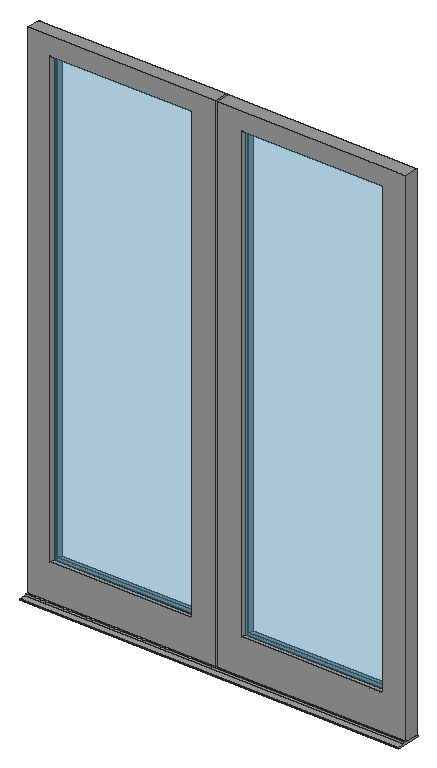
Revit family "AD-375 DOOR-Double-1-SF_v04", category Curtain Panels, Revit 2015
Parameters
  Width [instance] = 6' - 2"
  URL = "obe.com"
  Rough Width [instance] = 6' - 0"
  Offset [instance] = 0' - 0"
  Model = "AD-375 DOOR"
  Min Panel Width [instance] = if(Rough Width > 5' 11 255/256", Rough Width, 6' 0")  # 6' - 0"
  Manufacturer = "Oldcastle BuildingEnvelope®"
  Keynote = "08 11 00"
  Hinge [instance] = yes
  Height [instance] = 8' - 0"
  Glass Material = Glass
  Frame Material = Aluminum
  Door Panel Height [instance] = Height + 0' 0 23/32"  # 8' - 0 23/32"
  Description = "AD-375 - 1\" Door Infil"
  Assembly Code = "B2030"
  Analytic Construction = "<None>"
  6 Bottom Rail [instance] = yes
  10 Bottom Rail [instance] = not([6 Bottom Rail])  # no
Reference planes (in)
  plane 1 "Front": y = 0
  plane 2: z = 0
  plane 3 "Center (Left/Right)": x = 0
  plane 4 "Left": x = -37
  plane 5 "Right": x = 37
  plane 6 "Top": z = 96
  plane 7: x = -36
  plane 8: x = 36
Text (in)
  text "Exterior" at (-54.29358, 31.38743, 0), in view "Ref. Level"
  text "Exterior" at (480, 41.53993, 89.60405), in view "Right"
  text "Exterior" at (-240, 57.82419, 105.78864), in view "Left"
Dimensions and locks (in)
  equal spacing: plane 4 "Left", plane 3 "Center (Left/Right)", plane 5 "Right"
  "Width": plane 4 "Left" to plane 5 "Right"
  "Height": plane 6 "Top" to plane 2
  equal spacing: plane 7, plane 3 "Center (Left/Right)", plane 8
  "Min Panel Width": plane 7 to plane 8
  aligned and locked: level to plane 2
  aligned and locked: plane 3 "Center (Left/Right)" to nested 1
  aligned and locked: plane 1 "Front" to nested 1
Nested families (in)
  nested 1: "AD-375 DOOR-Double-1-Panel_v03" at (0, -16, 0), Frame Material <- "Frame Material", Glass Material <- "Glass Material", Hinge <- "Hinge", 6 Bottom Rail <- "6 Bottom Rail", Height <- "Door Panel Height", Width <- "Min Panel Width", Offset <- "Offset", type "AD-375 DOOR-Double-1-Panel"
    with Wing Width 3' - 0", built-in parameter 1001301 6' - 0", Offset 0' - 0", Hinge yes, built-in parameter 1001300 8' - 0 23/32", Glass Material Glass, Frame Material Aluminum, Bottom Rail 0' - 6 19/32", 6 Bottom Rail yes, 10 Bottom Rail no
Definition of nested family "AD-375 DOOR-Double-1-Panel_v03"
  Parameters (values of type "AD-375 DOOR-Double-1-Panel")
    Wing Width [instance] = Width / 2  # 3' - 0"
    Width [instance] = 6' - 0"
    Offset [instance] = 0' - 0"
    Hinge [instance] = yes
    Height [instance] = 8' - 0"
    Glass Material [instance] = none
    Frame Material [instance] = none
    Bottom Rail [instance] = if([10 Bottom Rail], 0' 10 19/32", 0' 6 19/32")  # 0' - 10 19/32"
    6 Bottom Rail [instance] = no
    10 Bottom Rail [instance] = not([6 Bottom Rail])  # yes
  Reference planes (in)
    plane 1 "00": y = 14.56
    plane 2: z = 0
    plane 3 "Center (Left/Right)": x = 0
    plane 4: z = 96
    plane 5: x = -36
    plane 6: x = 36
    plane 7 "Center (Front/Back)": y = 16
    plane 8 "Exterior": y = 15.06
    plane 9: z = 48
    plane 10: z = 10.59375
    plane 11: z = 92.46875
    plane 12: z = 0
    plane 13: x = -31.84147
    plane 14: x = 31.82129
    plane 15: y = 16
  Forms (in)
    Sweep 1, solid, material <- "Frame Material"
      path origin (0, 14.56, 0) x (1, 0, 0) y (0, 0, 1)
        loop
          line (-35.70353, 96) -> (-0.1998, 96)
      profile origin (-17.95166, 14.56, 96) x (0, 0, 1) y (0, -1, 0)
        loop
          line (-0.71875, -1.31943) -> (-0.71875, 1.3187) -> (-3.96875, 1.3187) -> (-3.96875, 0.5) -> (-3.53125, 0.5) -> (-3.53125, -0.5) -> (-3.96875, -0.5) -> (-3.96875, -1.31943) -> (-0.71875, -1.31943)
    Sweep 2, solid, material <- "Frame Material"
      path origin (0, 14.56, 0) x (1, 0, 0) y (0, 0, 1)
        loop
          line (-0.1998, 0) -> (-35.70353, 0)
      profile origin (-17.95166, 14.56, 0) x (0, 0, -1) y (0, -1, 0)
        loop
          line (-6.62093, -1.2884) -> (-0.375, -1.2884) -> (-0.375, 1.3187) -> (-6.62093, 1.3187) -> (-11.125, 1.3187) -> (-11.125, 0.5) -> (-10.59375, 0.5) -> (-10.59375, -0.5) -> (-11.125, -0.5) -> (-11.125, -1.2884) -> (-6.62093, -1.2884)
    Sweep 3, solid, material <- "Frame Material"
      path origin (0, 14.56, 0) x (1, 0, 0) y (0, 0, 1)
        loop
          line (36, 95.28125) -> (36, 0.375)
      profile origin (36, 14.56, 47.82813) x (0, -1, 0) y (1, 0, 0)
        loop
          line (-1.31873, -0.43321) -> (-1.31873, -4.61621) -> (-0.5, -4.61621) -> (-0.5, -4.17871) -> (0.5, -4.17871) -> (0.5, -4.61621) -> (1.3187, -4.61621) -> (1.3187, -0.32321) -> (-1.35373, -0.32321) -> (-1.35373, -0.43321) -> (-1.31873, -0.43321)
    Sweep 4, solid, material <- "Frame Material"
      path origin (0, 14.56, 0) x (1, 0, 0) y (0, 0, 1)
        loop
          line (-36, 95.28125) -> (-36, 0.375)
      profile origin (-36, 14.56, 47.82812) x (0, -1, 0) y (1, 0, 0)
        loop
          line (-1.31872, 4.59603) -> (-1.31872, 0.40647) -> (-1.35373, 0.40647) -> (-1.35373, 0.29647) -> (1.3187, 0.29647) -> (1.3187, 4.59603) -> (0.5, 4.59603) -> (0.5, 4.15198) -> (-0.5, 4.15198) -> (-0.5, 4.59603) -> (-1.31872, 4.59603)
    Sweep 5, solid, material <- "Frame Material"
      path origin (0, 14.56, 0) x (1, 0, 0) y (0, 0, 1)
        loop
          line (0, 95.28125) -> (0, 0.375)
      profile origin (0, 14.56, 47.82813) x (0, -1, 0) y (1, 0, 0)
        loop
          line (-1.31943, -4.69069) -> (-0.5, -4.69069) -> (-0.5, -4.25319) -> (0.5, -4.25319) -> (0.5, -4.69069) -> (1.31797, -4.69069) -> (1.31797, -0.1998) -> (-1.31943, -0.1998) -> (-1.31943, -4.69069)
        loop
          line (1.31797, 4.69069) -> (0.5, 4.69069) -> (0.5, 4.25319) -> (-0.5, 4.25319) -> (-0.5, 4.69069) -> (-1.31943, 4.69069) -> (-1.31943, 0.19181) -> (1.31797, 0.19181) -> (1.31797, 4.69069)
    Sweep 6, solid, material <- "Frame Material"
      path origin (0, 14.56, 0) x (1, 0, 0) y (0, 0, 1)
        loop
          line (0.22004, 96) -> (35.67679, 96)
      profile origin (17.94841, 14.56, 96) x (0, 0, 1) y (0, -1, 0)
        loop
          line (-0.71875, -1.31943) -> (-0.71875, 1.3187) -> (-2.30843, 1.3187) -> (-3.96875, 1.3187) -> (-3.96875, 0.5) -> (-3.53125, 0.5) -> (-3.53125, -0.5) -> (-3.96875, -0.5) -> (-3.96875, -1.31943) -> (-2.30843, -1.31943) -> (-0.71875, -1.31943)
    Sweep 7, solid, material <- "Frame Material"
      path origin (0, 14.56, 0) x (1, 0, 0) y (0, 0, 1)
        loop
          line (35.67679, 0) -> (0.19181, 0)
      profile origin (17.9343, 14.56, 0) x (0, 0, -1) y (0, -1, 0)
        loop
          line (-3.49593, -1.2884) -> (-0.375, -1.2884) -> (-0.375, 1.3187) -> (-11.125, 1.3187) -> (-11.125, 0.5) -> (-10.59375, 0.5) -> (-10.59375, -0.5) -> (-11.125, -0.5) -> (-11.125, -1.2884) -> (-3.49593, -1.2884)
    Extrusion 8, solid, material <- "Glass Material", detail levels medium+fine
      sketch origin (0, 0, 0) x (1, 0, 0) y (0, 1, 0)
        loop
          line (4.25319, 15.06) -> (4.25319, 14.812) -> (31.82129, 14.812) -> (31.82129, 15.06) -> (4.25319, 15.06)
        loop
          line (31.82129, 14.06) -> (31.82129, 14.308) -> (4.25319, 14.308) -> (4.25319, 14.06) -> (31.82129, 14.06)
      from 10.59375 to 92.46875
    Extrusion 9, solid, material <- "Glass Material", detail levels coarse
      sketch origin (0, 0, 0) x (1, 0, 0) y (0, 1, 0)
        loop
          line (4.25319, 15.06) -> (4.25319, 14.06) -> (31.82129, 14.06) -> (31.82129, 15.06) -> (4.25319, 15.06)
      from 10.59375 to 92.46875
    Extrusion 10, solid, material <- "Glass Material", detail levels coarse
      sketch origin (0, 0, 0) x (1, 0, 0) y (0, 1, 0)
        loop
          line (-31.84147, 15.06) -> (-31.84147, 14.06) -> (-4.31233, 14.06) -> (-4.25319, 14.06) -> (-4.25319, 15.06) -> (-31.84147, 15.06)
      from 10.59375 to 92.46875
    Extrusion 11, solid, material <- "Glass Material", detail levels medium+fine
      sketch origin (0, 0, 0) x (1, 0, 0) y (0, 1, 0)
        loop
          line (-31.84147, 15.06) -> (-31.84147, 14.812) -> (-4.25319, 14.812) -> (-4.25319, 15.06) -> (-31.84147, 15.06)
        loop
          line (-31.84147, 14.308) -> (-31.84147, 14.06) -> (-4.25, 14.06) -> (-4.25, 14.308) -> (-31.84147, 14.308)
      from 10.59375 to 92.46875
    Sweep 12, solid, material <- "Frame Material"
      path origin (0, 14.56, 0) x (1, 0, 0) y (0, 0, 1)
        loop
          line (-35.70353, 0) -> (35.67679, 0)
      profile origin (-0.01337, 14.56, 0) x (0, 0, 1) y (0, -1, 0)
        loop
          line (0.506, 1.3187) -> (0.506, 1.73385) -> (0.256, 1.86985) -> (0.09997, 3.0264)
          arc (0.09997, 3.0264) -> (0.08866, 3.04745) -> (0.06628, 3.05585) r 0.034
          line (0.06628, 3.05585) -> (0, 3.05585) -> (0, -1.44514)
          arc (0, -1.44514) -> (0.07849, -1.40969) -> (0.1262, -1.33799) r 0.156
          line (0.1262, -1.33799) -> (0.256, -0.69426) -> (0.256, 1.3187) -> (0.506, 1.3187)
  Cuts and joins
    joined: Sweep 1, Sweep 2, Sweep 3, Sweep 4, Sweep 5, Sweep 6, Sweep 7
  Lines and regions (in)
    model lines
      curve 1: line (4.59371, 15.06, 92.05875) -> (31.38379, 15.06, 48.02216)
      curve 2: line (31.38379, 15.06, 48.02216) -> (4.59371, 15.06, 11.125)
      curve 3: line (-4.5985, 15.06, 92.07372) -> (-31.40397, 15.06, 48)
      curve 4: line (-31.40397, 15.06, 48) -> (-4.5985, 15.06, 11.125)
  Dimensions and locks (in)
    "Height": plane 4 to level
    equal spacing: plane 5, plane 3 "Center (Left/Right)", plane 6
    "Offset": plane 15 to plane 7 "Center (Front/Back)"
    plane 1 "00" to plane 8 "Exterior" to plane 15 = 0' - 0 1/2" locked, 0' - 0.94" locked
    equal spacing: level, plane 9, plane 4
    locked: plane 3 "Center (Left/Right)" to Sweep 2 sketch curve at 0.1998
    locked: Sweep 3 sketch curve to plane 4 at 0.71875
    locked: Sweep 4 sketch curve to plane 4 at 0.71875
    locked: plane 3 "Center (Left/Right)" to Sweep 1 sketch curve at 0.1998
    locked: Sweep 6 sketch curve to plane 3 "Center (Left/Right)" at 0.22004
    locked: Sweep 5 sketch curve to plane 4 at 0.71875
    locked: Sweep 7 sketch curve to plane 10 at 0.53125  (x2)
    locked: Sweep 2 sketch curve to plane 10 at 0.53125  (x2)
    equal spacing: plane 4, plane 9, plane 12
    locked: plane 4 to plane 11 at 3.53125
    Extrusion 11 sketch curve to Extrusion 11 sketch curve to plane 1 "00" to Extrusion 11 sketch curve to Extrusion 11 sketch curve = 0' - 0.248" locked, 0' - 0.252" locked, 0' - 0.252" locked, 0' - 0.248" locked
    Extrusion 10 sketch curve to plane 1 "00" to Extrusion 10 sketch curve = 0' - 0 1/2" locked, 0' - 0 1/2" locked
    Extrusion 9 sketch curve to plane 1 "00" to Extrusion 9 sketch curve = 0' - 0 1/2" locked, 0' - 0 1/2" locked
    Extrusion 8 sketch curve to Extrusion 8 sketch curve to plane 1 "00" to Extrusion 8 sketch curve to Extrusion 8 sketch curve = 0' - 0.248" locked, 0' - 0.252" locked, 0' - 0.252" locked, 0' - 0.248" locked
    "Bottom Rail": plane 10 to plane 12
    locked: Extrusion 11 sketch curve to plane 3 "Center (Left/Right)" at 4.25319
    locked: Extrusion 11 sketch curve to plane 3 "Center (Left/Right)" at 4.25
    locked: Extrusion 10 sketch curve to plane 3 "Center (Left/Right)" at 4.25319
    locked: plane 3 "Center (Left/Right)" to Extrusion 9 sketch curve at 4.25319
    locked: plane 3 "Center (Left/Right)" to Extrusion 8 sketch curve at 4.25319  (x2)
    "Width": plane 5 to plane 6
    locked: plane 6 to Sweep 7 sketch curve at 0.32321
    locked: Sweep 2 sketch curve to plane 5 at 0.29647
    locked: Sweep 7 sketch curve to plane 3 "Center (Left/Right)" at 0.19181
    locked: plane 14 to plane 6 at 4.17871
    locked: plane 5 to plane 13 at 4.15853
    locked: Sweep 1 sketch curve to plane 5 at 0.29647
    locked: plane 6 to Sweep 6 sketch curve at 0.32321
    locked: plane 1 "00" to nested 1 at 0.2943
    locked: plane 6 to Sweep 12 sketch curve at 0.32321
    locked: Sweep 12 sketch curve to plane 5 at 0.29647
    locked: Sweep 4 sketch curve to plane 12 at 0.375
    locked: Sweep 5 sketch curve to plane 12 at 0.375
    locked: Sweep 3 sketch curve to plane 12 at 0.375
    aligned and locked: plane 2 to level
    aligned and locked: plane 3 "Center (Left/Right)" to nested 1
    aligned and locked: Sweep 1 sketch curve to plane 4
    aligned and locked: Sweep 2 sketch curve to level
    aligned and locked: level to nested 2
    aligned and locked: nested 2 to plane 1 "00"
    aligned and locked: plane 3 "Center (Left/Right)" to Sweep 5 sketch curve
    aligned and locked: Sweep 7 sketch curve to level
    aligned and locked: plane 4 to Sweep 6 sketch curve
    aligned and locked: plane 11 to Extrusion 10
    aligned and locked: plane 11 to Extrusion 11
    aligned and locked: plane 11 to Extrusion 8
    aligned and locked: plane 11 to Extrusion 9
    aligned and locked: Sweep 6 sketch curve to plane 11
    aligned and locked: plane 10 to Sweep 2 sketch curve
    aligned and locked: Sweep 1 sketch curve to plane 11
    aligned and locked: plane 9 to curve 4
    aligned and locked: Extrusion 8 to plane 10
    aligned and locked: Extrusion 9 to plane 10
    aligned and locked: Extrusion 11 to plane 10
    aligned and locked: Extrusion 10 to plane 10
    aligned and locked: Sweep 4 sketch curve to plane 5
    aligned and locked: Sweep 3 sketch curve to plane 6
    aligned and locked: Extrusion 11 to plane 13  (x2)
    aligned and locked: Extrusion 10 to plane 13
    aligned and locked: plane 14 to Extrusion 9
    aligned and locked: plane 14 to Extrusion 8  (x2)
    aligned and locked: Sweep 12 sketch curve to plane 12
  Automatic sketch dimensions
    plane 9 to curve 2 = 0' - 0.02216"
    plane 10 to curve 2 = 0' - 0 17/32"
    plane 10 to curve 4 = 0' - 0 17/32"
    curve 1 to plane 11 = 0' - 0.41"
    curve 3 to plane 11 = 0' - 0.39503"
    curve 3 to plane 3 "Center (Left/Right)" = 0' - 4.5985"
    curve 4 to plane 3 "Center (Left/Right)" = 0' - 4.5985"
    plane 3 "Center (Left/Right)" to curve 2 = 0' - 4.59371"
    plane 3 "Center (Left/Right)" to curve 1 = 0' - 4.59371"
    Sweep 3 sketch curve to plane 1 "00" = 0' - 1.35373"
    Sweep 3 sketch curve to Sweep 3 sketch curve = 0' - 0.035"
    Sweep 3 sketch curve to plane 1 "00" = 0' - 0 1/2"
    plane 1 "00" to Sweep 3 sketch curve = 0' - 0 1/2"
    plane 1 "00" to Sweep 3 sketch curve = 0' - 1.3187"
    profile plane to Sweep 3 sketch curve = 0' - 4.61621"
    Sweep 3 sketch curve to Sweep 3 sketch curve = 0' - 0"
    Sweep 3 sketch curve to Sweep 3 sketch curve = 0' - 0 7/16"
    profile plane to Sweep 3 sketch curve = 0' - 0.43321"
    profile plane to Sweep 3 sketch curve = 0' - 0.32321"
    Sweep 4 sketch curve to plane 1 "00" = 0' - 1.35373"
    Sweep 4 sketch curve to Sweep 4 sketch curve = 0' - 0.03501"
    Sweep 4 sketch curve to plane 1 "00" = 0' - 0 1/2"
    plane 1 "00" to Sweep 4 sketch curve = 0' - 0 1/2"
    Sweep 4 sketch curve to Sweep 4 sketch curve = 0' - 0.8187"
    Sweep 4 sketch curve to profile plane = 0' - 0.29647"
    Sweep 4 sketch curve to Sweep 4 sketch curve = 0' - 0.11"
    Sweep 4 sketch curve to Sweep 4 sketch curve = 0' - 3.7455"
    Sweep 4 sketch curve to Sweep 4 sketch curve = 0' - 0.44405"  (x2)
    Extrusion 10 sketch curve to Extrusion 10 sketch curve = 0' - 0.05914"
    Sweep 5 sketch curve to plane 1 "00" = 0' - 1.31943"
    Sweep 5 sketch curve to plane 1 "00" = 0' - 0 1/2"  (x2)
    plane 1 "00" to Sweep 5 sketch curve = 0' - 0 1/2"  (x2)
    Sweep 5 sketch curve to profile plane = 0' - 0.19181"
    plane 1 "00" to Sweep 5 sketch curve = 0' - 1.31797"
    profile plane to Sweep 5 sketch curve = 0' - 0.1998"
    Sweep 5 sketch curve to Sweep 5 sketch curve = 0' - 0"
    Sweep 5 sketch curve to Sweep 5 sketch curve = 0' - 0 7/16"  (x4)
    Sweep 5 sketch curve to Sweep 5 sketch curve = 0' - 4.06138"
    Sweep 7 sketch curve to Sweep 7 sketch curve = 0' - 0 17/32"
    Sweep 7 sketch curve to plane 1 "00" = 0' - 1.2884"
    profile plane to Sweep 7 sketch curve = 0' - 3.49593"
    Sweep 7 sketch curve to plane 1 "00" = 0' - 0 1/2"
    plane 1 "00" to Sweep 7 sketch curve = 0' - 0 1/2"
    plane 1 "00" to Sweep 7 sketch curve = 0' - 1.3187"
    Sweep 6 sketch curve to Sweep 6 sketch curve = 0' - 0 7/16"  (x2)
    Sweep 6 sketch curve to Sweep 6 sketch curve = 0' - 1.22282"  (x2)
    profile plane to Sweep 6 sketch curve = 0' - 0 23/32"
    Sweep 6 sketch curve to plane 1 "00" = 0' - 1.31943"
    Sweep 6 sketch curve to plane 1 "00" = 0' - 0 1/2"
    plane 1 "00" to Sweep 6 sketch curve = 0' - 0 1/2"
    plane 1 "00" to Sweep 6 sketch curve = 0' - 1.3187"
    Sweep 2 sketch curve to plane 1 "00" = 0' - 1.2884"
    Sweep 2 sketch curve to Sweep 2 sketch curve = 0' - 3.97282"
    Sweep 2 sketch curve to Sweep 2 sketch curve = 0' - 0"
    Sweep 2 sketch curve to plane 1 "00" = 0' - 0 1/2"
    plane 1 "00" to Sweep 2 sketch curve = 0' - 0 1/2"
    plane 1 "00" to Sweep 2 sketch curve = 0' - 1.3187"
    Sweep 1 sketch curve to Sweep 1 sketch curve = 0' - 0 7/16"  (x2)
    profile plane to Sweep 1 sketch curve = 0' - 0 23/32"
    Sweep 1 sketch curve to plane 1 "00" = 0' - 1.31943"
    Sweep 1 sketch curve to plane 1 "00" = 0' - 0 1/2"
    plane 1 "00" to Sweep 1 sketch curve = 0' - 0 1/2"
    plane 1 "00" to Sweep 1 sketch curve = 0' - 1.3187"
    plane 5 to Extrusion 10 sketch curve = 0' - 4.15853"
    plane 5 to Extrusion 11 sketch curve = 0' - 4.15853"
    Extrusion 11 sketch curve to Extrusion 11 sketch curve = 0' - 0"
    plane 5 to curve 3 = 0' - 4.59603"
    Extrusion 8 sketch curve to plane 6 = 0' - 4.17871"
    Extrusion 8 sketch curve to Extrusion 8 sketch curve = 0' - 0"
    Extrusion 9 sketch curve to plane 6 = 0' - 4.17871"
    curve 2 to plane 6 = 0' - 4.61621"
    Sweep 5 sketch curve to Sweep 5 sketch curve = 0' - 0.81943"
    Sweep 5 sketch curve to Sweep 5 sketch curve = 0' - 4.05339"
    profile plane to Sweep 2 sketch curve = 0' - 0 3/8"
    profile plane to Sweep 7 sketch curve = 0' - 0 3/8"
    Sweep 12 sketch curve to profile plane = 0' - 0.506"
    plane 1 "00" to Sweep 12 sketch curve = 0' - 1.73385"
    Sweep 12 sketch curve to profile plane = 0' - 0.256"  (x2)
    Sweep 12 sketch curve to Sweep 12 sketch curve = 0' - 0.41515"
    Sweep 12 sketch curve to Sweep 12 sketch curve = 0' - 0.136"
    Sweep 12 sketch curve to profile plane = 0' - 0.09997"
    Sweep 12 sketch curve to Sweep 12 sketch curve = 0' - 1.15655"
    Sweep 12 sketch curve to Sweep 12 sketch curve = 0' - 0.03369"
    Sweep 12 sketch curve to Sweep 12 sketch curve = 0' - 0.02945"
    Sweep 12 sketch curve to plane 1 "00" = 0' - 1.44514"
    profile plane to Sweep 12 sketch curve = 0' - 0.02248"
    Sweep 12 sketch curve to Sweep 12 sketch curve = 0' - 0.15437"
    Sweep 12 sketch curve to profile plane = 0' - 0.1262"
    Sweep 12 sketch curve to Sweep 12 sketch curve = 0' - 0.64374"
    profile plane to Sweep 12 sketch curve = 0' - 0"
  Nested families (in)
    nested 1: "AD-375 DOOR-Double-1-Plan View" at (0, 14.8543, 0), Wing Width <- "Wing Width", Hinge <- "Hinge", type "AD-375 DOOR-Double-1-Plan View"
      with Wing Width 3' - 0", Width 6' - 0", Hinge yes
    nested 2: "AD-375 DOOR-Double-1-Section" at (0, 14.56, 0) x (0, -1, 0) z (1, 0, 0), Height <- "Height", 6 Bottom Rail <- "6 Bottom Rail", type "AD-375 DOOR-Double-1-Section"
      with Height 8' - 0", Bottom Rail 0' - 10 19/32", 6 Bottom Rail no, 10 Bottom Rail yes
  Definition of nested family "AD-375 DOOR-Double-1-Plan View"
    Parameters (values of type "AD-375 DOOR-Double-1-Plan View")
      Wing Width [instance] = 3' - 0"
      Width [instance] = Wing Width * 2  # 6' - 0"
      Hinge [instance] = yes
    Reference planes (in)
      plane 1 "Center (Front/Back)": y = 0
      plane 2: z = 0
      plane 3 "Center (Left/Right)": x = 0
      plane 4: x = -36
      plane 5: x = 36
      plane 6: x = -34.04528
      plane 7: x = 34.04528
      plane 8: y = 36
      plane 9: y = 31.74681
      plane 10: y = 5.51268
    Lines and regions (in)
      detail lines, in view "Ref. Level"
        curve 1: line (-34.5453, 31.74681, 0) -> (-34.5453, 5.51228, 0)
        curve 10: line (-33.5453, 31.74681, 0) -> (-33.5453, 5.51228, 0)
        curve 19: line (33.54528, 31.74681, 0) -> (33.54528, 5.51268, 0)
        curve 28: line (34.54528, 31.74681, 0) -> (34.54528, 5.51268, 0)
        curve 29: arc (-0.00438, 0, 0) -> (9.8591, 24.7582, 0) -> (34.04528, 35.95127, 0) r 36.00438
        curve 30: arc (0.00438, 0, 0) -> (-9.8591, 24.7582, 0) -> (-34.04528, 35.95127, 0) r 36.00438
      detail lines, in view "Ref. Level", detail levels fine
        curve 2: line (-34.4833, 31.74681, 0) -> (-34.4833, 5.51228, 0)
        curve 3: line (-34.4213, 31.74681, 0) -> (-34.4213, 5.51228, 0)
        curve 4: line (-34.3593, 31.74681, 0) -> (-34.3593, 5.51228, 0)
        curve 7: line (-33.7313, 31.74681, 0) -> (-33.7313, 5.51228, 0)
        curve 8: line (-33.6693, 31.74681, 0) -> (-33.6693, 5.51228, 0)
        curve 9: line (-33.6073, 31.74681, 0) -> (-33.6073, 5.51228, 0)
        curve 20: line (33.60728, 31.74681, 0) -> (33.60728, 5.51268, 0)
        curve 21: line (33.66928, 31.74681, 0) -> (33.66928, 5.51268, 0)
        curve 22: line (33.73128, 31.74681, 0) -> (33.73128, 5.51268, 0)
        curve 25: line (34.35928, 31.74681, 0) -> (34.35928, 5.51268, 0)
        curve 26: line (34.42128, 31.74681, 0) -> (34.42128, 5.51268, 0)
        curve 27: line (34.48328, 31.74681, 0) -> (34.48328, 5.51268, 0)
      detail lines, in view "Ref. Level", detail levels medium+fine
        curve 5: line (-34.2973, 31.74681, 0) -> (-34.2973, 5.51228, 0)
        curve 6: line (-33.7933, 31.74681, 0) -> (-33.7933, 5.51228, 0)
        curve 23: line (33.79328, 31.74681, 0) -> (33.79328, 5.51268, 0)
        curve 24: line (34.29728, 31.74681, 0) -> (34.29728, 5.51268, 0)
      detail lines, in view "Ref. Level", not visible
        curve 11: line (-31.6121, 0.5, 0) -> (-4.1885, 0.5, 0)
        curve 12: line (-31.6121, -0.252, 0) -> (-4.1885, -0.252, 0)
        curve 13: line (-31.6121, -0.5, 0) -> (-4.1885, -0.5, 0)
        curve 14: line (-31.6121, 0.252, 0) -> (-4.1885, 0.252, 0)
        curve 15: line (4.18371, 0.5, 0) -> (31.59192, 0.5, 0)
        curve 16: line (31.59192, 0.252, 0) -> (4.18371, 0.252, 0)
        curve 17: line (4.18371, -0.252, 0) -> (31.59192, -0.252, 0)
        curve 18: line (31.59192, -0.5, 0) -> (4.18371, -0.5, 0)
    Dimensions and locks (in)
      equal spacing: plane 4, plane 3 "Center (Left/Right)", plane 5
      "Wing Width": plane 1 "Center (Front/Back)" to nested 4
      nested 7 to nested 5 to plane 1 "Center (Front/Back)" to plane 10 = 0' - 0.09545" locked, 0' - 1.04735" locked, 0' - 5.51268" locked
      nested 10 to nested 6 to plane 1 "Center (Front/Back)" to plane 10 = 0' - 0.09545" locked, 0' - 1.04776" locked, 0' - 5.51268" locked
      "Width": plane 4 to plane 5
      plane 7 to plane 5 to nested 5 to nested 8 = 0' - 1.95472" locked, 0' - 1.69941" locked, 0' - 0.77736" locked
      "Wing Width": plane 1 "Center (Front/Back)" to plane 8
      locked: plane 9 to plane 8 at 4.25319
      nested 9 to nested 6 to plane 4 to plane 6 = 0' - 0.79754" locked, 0' - 1.69941" locked, 0' - 1.95472" locked
      aligned and locked: plane 3 "Center (Left/Right)" to nested 1
      aligned and locked: nested 1 to plane 1 "Center (Front/Back)"
      aligned and locked: plane 3 "Center (Left/Right)" to nested 2
      aligned and locked: nested 2 to plane 1 "Center (Front/Back)"
      aligned and locked: nested 4 to plane 6
      aligned and locked: nested 3 to plane 7
      aligned and locked: nested 8 to plane 1 "Center (Front/Back)"
      aligned and locked: plane 1 "Center (Front/Back)" to nested 9
      aligned and locked: nested 10 to plane 6
      aligned and locked: nested 7 to plane 7
      aligned and locked: nested 10 to curve 10
      aligned and locked: curve 28 to nested 7
      aligned and locked: plane 8 to nested 3
    Automatic sketch dimensions
      curve 30 to plane 1 "Center (Front/Back)" = 0' - 0"
      curve 30 to plane 4 = 0' - 0"
      curve 30 to plane 6 = 0' - 0"
      plane 1 "Center (Front/Back)" to curve 29 = 0' - 0"
      plane 9 to curve 19 = 0' - 0"
      plane 10 to curve 19 = 0' - 0"
      plane 10 to curve 20 = 0' - 0"
      plane 9 to curve 20 = 0' - 0"
      plane 10 to curve 21 = 0' - 0"
      plane 9 to curve 21 = 0' - 0"
      plane 10 to curve 22 = 0' - 0"
      plane 9 to curve 22 = 0' - 0"
      plane 9 to curve 23 = 0' - 0"
      plane 10 to curve 23 = 0' - 0"
      curve 29 to plane 7 = 0' - 0"
      plane 9 to curve 24 = 0' - 0"
      plane 10 to curve 24 = 0' - 0"
      plane 9 to curve 25 = 0' - 0"
      plane 10 to curve 25 = 0' - 0"
      plane 10 to curve 26 = 0' - 0"
      plane 9 to curve 26 = 0' - 0"
      plane 10 to curve 27 = 0' - 0"
      plane 9 to curve 27 = 0' - 0"
      plane 9 to curve 28 = 0' - 0"
      curve 29 to plane 5 = 0' - 0"
      plane 10 to curve 1 = 0' - 0.00041"
      plane 6 to curve 1 = 0' - 0 1/2"
      curve 1 to curve 2 = 0' - 0.062"
      plane 10 to curve 3 = 0' - 0.00041"
      curve 2 to curve 3 = 0' - 0.062"
      plane 10 to curve 4 = 0' - 0.00041"
      curve 3 to curve 4 = 0' - 0.062"
      plane 10 to curve 5 = 0' - 0.00041"
      curve 4 to curve 5 = 0' - 0.062"
      plane 10 to curve 6 = 0' - 0.00041"
      curve 6 to plane 6 = 0' - 0.25198"
      plane 10 to curve 7 = 0' - 0.00041"
      curve 6 to curve 7 = 0' - 0.062"
      plane 10 to curve 8 = 0' - 0.00041"
      curve 7 to curve 8 = 0' - 0.062"
      curve 8 to curve 9 = 0' - 0.062"
      curve 9 to curve 10 = 0' - 0.062"
      curve 11 to plane 1 "Center (Front/Back)" = 0' - 0 1/2"
      curve 11 to plane 6 = 0' - 2.43318"
      curve 14 to curve 11 = 0' - 0"
      curve 13 to curve 14 = 0' - 0"
      curve 12 to curve 13 = 0' - 0"
      curve 14 to plane 1 "Center (Front/Back)" = 0' - 0.252"
      curve 14 to plane 3 "Center (Left/Right)" = 0' - 4.1885"
      curve 12 to curve 14 = 0' - 0"
      curve 13 to curve 12 = 0' - 0"
      curve 11 to curve 14 = 0' - 0"
      curve 29 to plane 3 "Center (Left/Right)" = 0' - 0.00438"
      plane 3 "Center (Left/Right)" to curve 30 = 0' - 0.00438"
      plane 1 "Center (Front/Back)" to curve 17 = 0' - 0.252"
      plane 3 "Center (Left/Right)" to curve 17 = 0' - 4.18371"
      curve 15 to curve 17 = 0' - 0"
      curve 16 to curve 15 = 0' - 0"  (x2)
      curve 18 to curve 17 = 0' - 0"
      plane 1 "Center (Front/Back)" to curve 18 = 0' - 0 1/2"
      plane 7 to curve 18 = 0' - 2.45336"
      curve 15 to curve 18 = 0' - 0"
      curve 17 to curve 18 = 0' - 0"
      plane 7 to curve 19 = 0' - 0 1/2"
      curve 19 to curve 20 = 0' - 0.062"
      curve 20 to curve 21 = 0' - 0.062"
      curve 21 to curve 22 = 0' - 0.062"
      curve 22 to curve 23 = 0' - 0.062"
      curve 24 to plane 7 = 0' - 0.252"
      curve 24 to curve 25 = 0' - 0.062"
      curve 25 to curve 26 = 0' - 0.062"
      curve 26 to curve 27 = 0' - 0.062"
      curve 27 to curve 28 = 0' - 0.062"
      plane 1 "Center (Front/Back)" to curve 12 = 0' - 0.252"
      curve 13 to curve 12 = 0' - 0.248"
      curve 16 to plane 1 "Center (Front/Back)" = 0' - 0.252"
      curve 16 to curve 15 = 0' - 0.248"
      plane 10 to curve 9 = 0' - 0.00041"
      plane 10 to curve 2 = 0' - 0.00041"
      plane 9 to curve 2 = 0' - 0"
      curve 2 to curve 3 = 0' - 0"
      curve 3 to curve 4 = 0' - 0"
      curve 4 to curve 5 = 0' - 0"
      curve 2 to curve 1 = 0' - 0"
      curve 5 to curve 6 = 0' - 0"
      curve 6 to curve 7 = 0' - 0"
      curve 7 to curve 8 = 0' - 0"
      curve 8 to curve 10 = 0' - 0"
      curve 8 to curve 9 = 0' - 0"
    Nested families (in)
      nested 1: "M STILE L-DI" at (0, 0, 0) x (-1, 0, 0) z (0, 0, 1), type "M STILE L-DI", in view "Ref. Level", not visible
      nested 2: "M STILE R-DI" at (0, 0, 0) x (-1, 0, 0) z (0, 0, 1), type "M STILE R-DI", in view "Ref. Level", not visible
      nested 3: "M STILE R-DI" at (34.04528, 36, 0) x (0, 1, 0) z (0, 0, 1), type "M STILE R-DI", in view "Ref. Level"
      nested 4: "M STILE R-DI" at (-34.04528, 36, 0) x (0, 1, 0) z (0, 0, 1), type "M STILE R-DI", in view "Ref. Level"
      nested 5: "HINGE-DI" at (37.69941, -1.04735, 0), visible <- "Hinge", type "HINGE-DI", in view "Ref. Level"
      nested 6: "HINGE-DI" at (-37.69941, -1.04776, 0) x (-1, 0, 0) z (0, 0, 1), visible <- "Hinge", type "HINGE-DI", in view "Ref. Level"
      nested 7: "HINGE-HD-DI" at (34.04528, -1.1428, 0) x (0, 1, 0) z (0, 0, 1), type "HINGE-HD-DI", in view "Ref. Level"
      nested 8: "HINGE-HD-DI" at (38.47677, 0, 0) x (-1, 0, 0) z (0, 0, 1), type "HINGE-HD-DI", in view "Ref. Level", not visible
      nested 9: "HINGE-HD-DI" at (-38.49695, 0, 0), type "HINGE-HD-DI", in view "Ref. Level", not visible
      nested 10: "HINGE-HD-DI" at (-34.04528, -1.14321, 0) x (0, 1, 0) z (0, 0, 1), type "HINGE-HD-DI", in view "Ref. Level"
    Definition of nested family "M STILE L-DI"
      Reference planes (in)
        plane 1 "Center (Front/Back)": y = 0
        plane 2: z = 0
        plane 3 "Center (Left/Right)": x = 0
      Lines and regions (in)
        detail lines, in view "Ref. Level"
          curve 1: arc (0.29936, 1.31943, 0) -> (0.10489, 0.00132, 0) -> (0.29121, -1.31797, 0) r 4.66203
          curve 2: line (4.69069, 1.31943, 0) -> (0.29936, 1.31943, 0)
          curve 3: line (4.69069, 0.5, 0) -> (4.69069, 1.31943, 0)
          curve 4: line (4.25319, 0.5, 0) -> (4.69069, 0.5, 0)
          curve 5: line (4.25319, -0.5, 0) -> (4.25319, 0.5, 0)
          curve 6: line (4.69069, -0.5, 0) -> (4.25319, -0.5, 0)
          curve 7: line (4.69069, -1.31797, 0) -> (4.69069, -0.5, 0)
          curve 8: line (0.29121, -1.31797, 0) -> (4.69069, -1.31797, 0)
    Definition of nested family "M STILE R-DI"
      Reference planes (in)
        plane 1 "Center (Front/Back)": y = 0
        plane 2: z = 0
        plane 3 "Center (Left/Right)": x = 0
      Lines and regions (in)
        detail lines, in view "Ref. Level"
          curve 1: arc (-0.29121, -1.31797, 0) -> (-0.1917, 0.00105, 0) -> (-0.29936, 1.31943, 0) r 8.44611
          curve 2: line (-4.69069, 1.31943, 0) -> (-0.29936, 1.31943, 0)
          curve 3: line (-4.69069, 0.5, 0) -> (-4.69069, 1.31943, 0)
          curve 4: line (-4.25319, -0.5, 0) -> (-4.25319, 0.5, 0)
          curve 5: line (-4.25319, 0.5, 0) -> (-4.69069, 0.5, 0)
          curve 6: line (-4.69069, -0.5, 0) -> (-4.25319, -0.5, 0)
          curve 7: line (-4.69069, -1.31797, 0) -> (-4.69069, -0.5, 0)
          curve 8: line (-0.29121, -1.31797, 0) -> (-4.69069, -1.31797, 0)
    Definition of nested family "HINGE-DI"
      Reference planes (in)
        plane 1 "Center (Front/Back)": y = 0
        plane 2: z = 0
        plane 3 "Center (Left/Right)": x = 0
    Definition of nested family "HINGE-HD-DI"
      Reference planes (in)
        plane 1 "Center (Front/Back)": y = 0
        plane 2: z = 0
        plane 3 "Center (Left/Right)": x = 0
      Lines and regions (in)
        detail lines, in view "Ref. Level"
          curve 1: line (2.79998, 0.4063, 0) -> (2.79998, -1.35373, 0)
          curve 2: line (2.82157, 1.22717, 0) -> (2.79998, 0.4063, 0)
          curve 3: arc (2.91554, 1.3187, 0) -> (2.84995, 1.29204, 0) -> (2.82157, 1.22717, 0) r 0.094
          curve 4: line (7.09299, 0.5, 0) -> (7.09299, 1.3187, 0)
          curve 5: line (6.65549, 0.5, 0) -> (7.09299, 0.5, 0)
          curve 6: line (6.65549, -0.5, 0) -> (6.65549, 0.5, 0)
          curve 7: line (7.09299, -0.5, 0) -> (6.65549, -0.5, 0)
          curve 8: line (7.09299, -1.31872, 0) -> (7.09299, -0.5, 0)
          curve 9: line (2.90998, -1.31872, 0) -> (7.09299, -1.31872, 0)
          curve 10: line (2.90998, -1.35373, 0) -> (2.90998, -1.31872, 0)
          curve 11: line (2.79998, -1.35373, 0) -> (2.90998, -1.35373, 0)
          curve 12: line (2.91554, 1.3187, 0) -> (7.09299, 1.3187, 0)
  Definition of nested family "AD-375 DOOR-Double-1-Section"
    Parameters (values of type "AD-375 DOOR-Double-1-Section")
      Height [instance] = 8' - 0"
      Bottom Rail [instance] = if([10 Bottom Rail], 0' 10 19/32", 0' 6 19/32")  # 0' - 10 19/32"
      6 Bottom Rail [instance] = no
      10 Bottom Rail [instance] = not([6 Bottom Rail])  # yes
    Reference planes (in)
      plane 1 "Center (Front/Back)": y = 0
      plane 2: z = 0
      plane 3 "Center (Left/Right)": x = 0
      plane 4: y = 92.46875
      plane 5: y = 96
      plane 6: y = 10.59375
    Lines and regions (in)
      detail lines, in view "Ref. Level"
        curve 1: line (-0.5, 92.46875, 0) -> (-0.5, 10.59375, 0)
        curve 10: line (0.5, 92.46875, 0) -> (0.5, 10.59375, 0)
      detail lines, in view "Ref. Level", detail levels fine
        curve 2: line (-0.438, 92.46875, 0) -> (-0.438, 10.59375, 0)
        curve 3: line (-0.376, 92.46875, 0) -> (-0.376, 10.59375, 0)
        curve 4: line (-0.314, 92.46875, 0) -> (-0.314, 10.59375, 0)
        curve 7: line (0.314, 92.46875, 0) -> (0.314, 10.59375, 0)
        curve 8: line (0.376, 92.46875, 0) -> (0.376, 10.59375, 0)
        curve 9: line (0.438, 92.46875, 0) -> (0.438, 10.59375, 0)
      detail lines, in view "Ref. Level", detail levels medium+fine
        curve 5: line (-0.252, 92.46875, 0) -> (-0.252, 10.59375, 0)
        curve 6: line (0.252, 92.46875, 0) -> (0.252, 10.59375, 0)
    Dimensions and locks (in)
      nested 1 to plane 5 to plane 4 = 0' - 3 5/32" locked, 0' - 3 17/32" locked
      "Height": plane 1 "Center (Front/Back)" to plane 5
      "Bottom Rail": plane 1 "Center (Front/Back)" to plane 6
      aligned and locked: plane 3 "Center (Left/Right)" to nested 2
      aligned and locked: plane 3 "Center (Left/Right)" to nested 3
      aligned and locked: plane 4 to curve 1
      aligned and locked: plane 4 to curve 2
      aligned and locked: plane 4 to curve 3
      aligned and locked: plane 4 to curve 4
      aligned and locked: plane 4 to curve 5
      aligned and locked: plane 4 to curve 6
      aligned and locked: plane 4 to curve 7
      aligned and locked: plane 4 to curve 8
      aligned and locked: plane 4 to curve 9
      aligned and locked: plane 4 to curve 10
      aligned and locked: plane 3 "Center (Left/Right)" to nested 1
      aligned and locked: plane 6 to curve 10
      aligned and locked: plane 1 "Center (Front/Back)" to nested 2
      aligned and locked: plane 1 "Center (Front/Back)" to nested 3
    Automatic sketch dimensions
      curve 1 to plane 3 "Center (Left/Right)" = 0' - 0 1/2"
      curve 1 to curve 2 = 0' - 0.062"
      curve 2 to curve 3 = 0' - 0.062"
      curve 3 to curve 4 = 0' - 0.062"
      curve 4 to curve 5 = 0' - 0.062"
      plane 3 "Center (Left/Right)" to curve 6 = 0' - 0.252"
      curve 6 to curve 7 = 0' - 0.062"
      curve 7 to curve 8 = 0' - 0.062"
      curve 8 to curve 9 = 0' - 0.062"
      curve 9 to curve 10 = 0' - 0.062"
      curve 1 to curve 10 = 0' - 0"
      curve 9 to curve 10 = 0' - 0"
      curve 1 to curve 2 = 0' - 0"
      curve 8 to curve 9 = 0' - 0"
      curve 2 to curve 3 = 0' - 0"
      curve 7 to curve 8 = 0' - 0"
      curve 3 to curve 4 = 0' - 0"
      curve 6 to curve 7 = 0' - 0"
      curve 4 to curve 5 = 0' - 0"
    Nested families (in)
      nested 1: "TOP RAIL HINGE" at (0, 99.15625, 0), type "TOP RAIL-DI", in view "Ref. Level"
      nested 2: "6 BOTTOM RAIL" at (0, 7.12504, 0), visible <- "6 Bottom Rail", type "8 BOTTOM RAIL", in view "Ref. Level"
      nested 3: "10 BOTTOM RAIL" at (0, 11.12508, 0), visible <- "10 Bottom Rail", type "10 BOTTOM RAIL", in view "Ref. Level"
    Definition of nested family "TOP RAIL HINGE"
      Reference planes (in)
        plane 1 "Center (Front/Back)": y = 0
        plane 2: z = 0
        plane 3 "Center (Left/Right)": x = 0
      Lines and regions (in)
        detail lines, in view "Ref. Level"
          curve 1: line (1.3187, -3.875, 0) -> (-1.2884, -3.875, 0)
          curve 2: line (-1.2884, -3.875, 0) -> (-1.2884, -7.125, 0)
          curve 3: line (-1.2884, -7.125, 0) -> (-0.5, -7.125, 0)
          curve 4: line (-0.5, -7.125, 0) -> (-0.5, -6.6875, 0)
          curve 5: line (-0.5, -6.6875, 0) -> (0.5, -6.6875, 0)
          curve 6: line (0.5, -6.6875, 0) -> (0.5, -7.125, 0)
          curve 7: line (0.5, -7.125, 0) -> (1.3187, -7.125, 0)
          curve 8: line (1.3187, -7.125, 0) -> (1.3187, -3.875, 0)
    Definition of nested family "6 BOTTOM RAIL"
      Types (2): name
        6 BOTTOM RAIL
        8 BOTTOM RAIL
      Reference planes (in)
        plane 1 "Center (Front/Back)": y = 0
        plane 2: z = 0
        plane 3 "Center (Left/Right)": x = 0
      Lines and regions (in)
        detail lines, in view "Ref. Level"
          curve 1: line (0.5, -0.53204, 0) -> (-0.5, -0.53204, 0)
          curve 2: line (-0.5, -0.53204, 0) -> (-0.5, 0, 0)
          curve 3: line (-0.5, 0, 0) -> (-1.2884, 0, 0)
          curve 4: line (-1.2884, 0, 0) -> (-1.2884, -6.75004, 0)
          curve 5: line (-1.2884, -6.75004, 0) -> (1.3187, -6.75004, 0)
          curve 6: line (1.3187, -6.75004, 0) -> (1.3187, 0, 0)
          curve 7: line (1.3187, 0, 0) -> (0.5, 0, 0)
          curve 8: line (0.5, 0, 0) -> (0.5, -0.53204, 0)
          curve 9: line (0.5, -0.53204, 0) -> (-0.5, -0.53204, 0)
          curve 10: line (-0.5, -0.53204, 0) -> (-0.5, 0, 0)
          curve 11: line (-0.5, 0, 0) -> (-1.2884, 0, 0)
          curve 12: line (-1.2884, 0, 0) -> (-1.2884, -6.75004, 0)
          curve 13: line (-1.2884, -6.75004, 0) -> (1.3187, -6.75004, 0)
          curve 14: line (1.3187, -6.75004, 0) -> (1.3187, 0, 0)
          curve 15: line (1.3187, 0, 0) -> (0.5, 0, 0)
          curve 16: line (-0.69426, -6.86904, 0) -> (1.3187, -6.86904, 0)
          curve 17: line (-1.33799, -6.99884, 0) -> (-0.69426, -6.86904, 0)
          curve 18: arc (-1.33799, -6.99884, 0) -> (-1.40969, -7.04655, 0) -> (-1.44514, -7.12504, 0) r 0.156
          curve 19: line (3.05585, -7.12504, 0) -> (-1.44514, -7.12504, 0)
          curve 20: arc (3.05585, -7.05876, 0) -> (3.04745, -7.03638, 0) -> (3.0264, -7.02507, 0) r 0.034
          curve 21: line (3.05585, -7.05876, 0) -> (3.05585, -7.12504, 0)
          curve 22: line (1.86985, -6.86904, 0) -> (3.0264, -7.02507, 0)
          curve 23: line (1.73385, -6.61904, 0) -> (1.86985, -6.86904, 0)
          curve 24: line (1.3187, -6.61904, 0) -> (1.73385, -6.61904, 0)
          curve 25: line (1.3187, -6.86904, 0) -> (1.3187, -6.61904, 0)
    Definition of nested family "10 BOTTOM RAIL"
      Reference planes (in)
        plane 1 "Center (Front/Back)": y = 0
        plane 2: z = 0
        plane 3 "Center (Left/Right)": x = 0
      Lines and regions (in)
        detail lines, in view "Ref. Level"
          curve 1: line (-1.2884, 0, 0) -> (-1.2884, -10.75008, 0)
          curve 2: line (-1.2884, -10.75008, 0) -> (1.3187, -10.75008, 0)
          curve 3: line (1.3187, -10.75008, 0) -> (1.3187, 0, 0)
          curve 4: line (1.3187, 0, 0) -> (0.5, 0, 0)
          curve 5: line (0.5, 0, 0) -> (0.5, -0.53204, 0)
          curve 6: line (0.5, -0.53204, 0) -> (-0.5, -0.53204, 0)
          curve 7: line (-0.5, -0.53204, 0) -> (-0.5, 0, 0)
          curve 8: line (-0.5, 0, 0) -> (-1.2884, 0, 0)
          curve 9: line (0.5, -0.53204, 0) -> (-0.5, -0.53204, 0)
          curve 10: line (-0.5, -0.53204, 0) -> (-0.5, 0, 0)
          curve 11: line (-0.5, 0, 0) -> (-1.2884, 0, 0)
          curve 12: line (-1.2884, 0, 0) -> (-1.2884, -10.75008, 0)
          curve 13: line (-1.2884, -10.75008, 0) -> (1.3187, -10.75008, 0)
          curve 14: line (1.3187, -10.75008, 0) -> (1.3187, 0, 0)
          curve 15: line (1.3187, 0, 0) -> (0.5, 0, 0)
          curve 16: line (0.5, 0, 0) -> (0.5, -0.53204, 0)
          curve 17: line (-0.69426, -10.86908, 0) -> (1.3187, -10.86908, 0)
          curve 18: line (-1.33799, -10.99888, 0) -> (-0.69426, -10.86908, 0)
          curve 19: arc (-1.33799, -10.99888, 0) -> (-1.40969, -11.0466, 0) -> (-1.44514, -11.12508, 0) r 0.156
          curve 20: line (3.05585, -11.12508, 0) -> (-1.44514, -11.12508, 0)
          curve 21: line (3.05585, -11.0588, 0) -> (3.05585, -11.12508, 0)
          curve 22: arc (3.05585, -11.0588, 0) -> (3.04745, -11.03643, 0) -> (3.0264, -11.02511, 0) r 0.034
          curve 23: line (1.86985, -10.86908, 0) -> (3.0264, -11.02511, 0)
          curve 24: line (1.73385, -10.61908, 0) -> (1.86985, -10.86908, 0)
          curve 25: line (1.3187, -10.61908, 0) -> (1.73385, -10.61908, 0)
          curve 26: line (1.3187, -10.86908, 0) -> (1.3187, -10.61908, 0)
